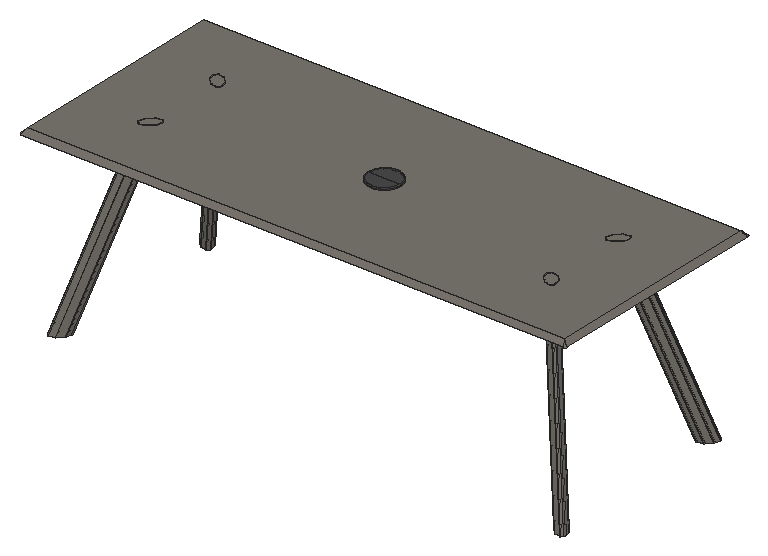
Revit family "Table-Rectangle-Teknion-STBSS_Qui_With_Power-R2014", category Furniture, Revit 2014
Parameters (values of type "25.5" High")
  Width = 75.000"
  Warranty = "https://d2r72yk5wmppdj.cloudfront.net/m/3754bc876d846fdf/StudioTK--Warranty.pdf"
  Voltage = 125 V  # constant formula
  Unit Weight = 85.00 lbf  # constant formula
  URL = "www.studiotk.com"
  Table Finish [instance] = Wood - Teknion - DY - Cocoa Brown
  Series = "Studio"
  Product Line = "Qui"
  Product Documentation Link = "https://d2r72yk5wmppdj.cloudfront.net/m/6a067d0f21732b57/Qui_Tables_ppg.pdf"
  Power Finish [instance] = Plastic - StudioTK - 8B - Ebony
  Power Factor = 1  # constant formula
  Part Number = "STBSS"
  Number of Poles = 1
  Model = "STBSSF25P"
  Manufacturer Phone = "919-464-2920"
  Manufacturer Fax = "919-464-2927"
  Manufacturer Email = "customersupport@studiotk.com"
  Manufacturer Address = "3941 US 70 Business HWY West, Clayton, NC 27520"
  Manufacturer = "StudioTK"  # constant formula
  Low Emitting Material = yes
  Low Emitting Finish = yes
  Height = 25.500"
  Description = "Qui Rectangular Table with Power, 31.5\"d x 75\"w / 80cm x 191cm, 25.5\"h / 65cm"
  Depth = 31.500"
  Connector Description = "Power Connector"  # constant formula
  Assembly Code = "E2020200"
  Apparent Load = 1250 VA  # constant formula
Reference planes (in)
  plane 1 "Center F/B": y = 0
  plane 2: z = 0
  plane 3 "Center L/R": x = 0
  plane 4 "Left": x = -37.5
  plane 5 "Right": x = 37.5
  plane 6 "Back": y = 15.75
  plane 7 "Front": y = -15.75
  plane 8 "Top": z = 25.5
  plane 9 "Table Base": z = 24.875
  plane 10 "Table Bottom": z = 23.375
  plane 11 "Leg Top": z = 25.525
  plane 12 "Leg Bottom": z = -3.5
  plane 13: x = -21.75
  plane 14: x = 21.75
Forms (in)
  Blend 1, solid, material "Wood - Teknion - DY - Cocoa Brown" <- "Table Finish"
    base sketch origin (0, 0, 23.375) x (-1, 0, 0) y (0, -1, 0)
      loop
        line (30.25, -8.5) -> (30.25, 8.5) -> (-30.25, 8.5) -> (-30.25, -8.5) -> (30.25, -8.5)
    top sketch origin (0, 0, 23.375) x (-1, 0, 0) y (0, -1, 0)
      loop
        line (-31.25, -9.5) -> (31.25, -9.5) -> (31.25, 9.5) -> (-31.25, 9.5) -> (-31.25, -9.5)
    from 0 to 1.5
  Blend 2, solid, material "Wood - Teknion - DY - Cocoa Brown" <- "Table Finish"
    base sketch origin (0, 0, 25.525) x (0, -1, 0) y (1, 0, 0)
      loop
        line (-12.50538, -34.51387) -> (-12.76387, -34.25538)
        arc (-12.76387, -34.25538) -> (-12.82837, -34.21732) -> (-12.90323, -34.21518) r 0.15
        line (-12.90323, -34.21518) -> (-13.66716, -34.38908)
        arc (-13.66716, -34.38908) -> (-13.70639, -34.40404) -> (-13.73993, -34.42927) r 0.15
        line (-13.73993, -34.42927) -> (-14.48351, -35.17285)
        arc (-14.48351, -35.17285) -> (-14.50874, -35.20639) -> (-14.5237, -35.24562) r 0.15
        line (-14.5237, -35.24562) -> (-14.69759, -36.00955)
        arc (-14.69759, -36.00955) -> (-14.69546, -36.08441) -> (-14.6574, -36.14891) r 0.15
        line (-14.6574, -36.14891) -> (-14.39891, -36.4074)
        arc (-14.39891, -36.4074) -> (-14.33441, -36.44546) -> (-14.25955, -36.44759) r 0.15
        line (-14.25955, -36.44759) -> (-13.49562, -36.2737)
        arc (-13.49562, -36.2737) -> (-13.45639, -36.25874) -> (-13.42285, -36.23351) r 0.15
        line (-13.42285, -36.23351) -> (-12.67927, -35.48993)
        arc (-12.67927, -35.48993) -> (-12.65404, -35.45639) -> (-12.63908, -35.41716) r 0.15
        line (-12.63908, -35.41716) -> (-12.46518, -34.65323)
        arc (-12.46518, -34.65323) -> (-12.46732, -34.57837) -> (-12.50538, -34.51387) r 0.15
    top sketch origin (0, 0, 25.525) x (0, -1, 0) y (1, 0, 0)
      loop
        line (-4.67569, -26.68418) -> (-4.93418, -26.42569)
        arc (-4.93418, -26.42569) -> (-4.99868, -26.38763) -> (-5.07354, -26.3855) r 0.15
        line (-5.07354, -26.3855) -> (-5.83747, -26.55939)
        arc (-5.83747, -26.55939) -> (-5.8767, -26.57435) -> (-5.91025, -26.59959) r 0.15
        line (-5.91025, -26.59959) -> (-6.65382, -27.34316)
        arc (-6.65382, -27.34316) -> (-6.67906, -27.3767) -> (-6.69401, -27.41593) r 0.15
        line (-6.69401, -27.41593) -> (-6.86791, -28.17987)
        arc (-6.86791, -28.17987) -> (-6.86577, -28.25473) -> (-6.82771, -28.31922) r 0.15
        line (-6.82771, -28.31922) -> (-6.56922, -28.57771)
        arc (-6.56922, -28.57771) -> (-6.50473, -28.61577) -> (-6.42987, -28.61791) r 0.15
        line (-6.42987, -28.61791) -> (-5.66593, -28.44401)
        arc (-5.66593, -28.44401) -> (-5.6267, -28.42906) -> (-5.59316, -28.40382) r 0.15
        line (-5.59316, -28.40382) -> (-4.84959, -27.66025)
        arc (-4.84959, -27.66025) -> (-4.82435, -27.6267) -> (-4.80939, -27.58747) r 0.15
        line (-4.80939, -27.58747) -> (-4.6355, -26.82354)
        arc (-4.6355, -26.82354) -> (-4.63763, -26.74868) -> (-4.67569, -26.68418) r 0.15
    from -29.025 to -0.025
  Blend 3, solid, material "Wood - Teknion - DY - Cocoa Brown" <- "Table Finish"
    base sketch origin (-21.75, 21.75, 25.525) x (1, 0, 0) y (0, 1, 0)
      loop
        line (-12.50538, -34.51387) -> (-12.76387, -34.25538)
        arc (-12.76387, -34.25538) -> (-12.82837, -34.21732) -> (-12.90323, -34.21518) r 0.15
        line (-12.90323, -34.21518) -> (-13.66716, -34.38908)
        arc (-13.66716, -34.38908) -> (-13.70639, -34.40404) -> (-13.73993, -34.42927) r 0.15
        line (-13.73993, -34.42927) -> (-14.48351, -35.17285)
        arc (-14.48351, -35.17285) -> (-14.50874, -35.20639) -> (-14.5237, -35.24562) r 0.15
        line (-14.5237, -35.24562) -> (-14.69759, -36.00955)
        arc (-14.69759, -36.00955) -> (-14.69546, -36.08441) -> (-14.6574, -36.14891) r 0.15
        line (-14.6574, -36.14891) -> (-14.39891, -36.4074)
        arc (-14.39891, -36.4074) -> (-14.33441, -36.44546) -> (-14.25955, -36.44759) r 0.15
        line (-14.25955, -36.44759) -> (-13.49562, -36.2737)
        arc (-13.49562, -36.2737) -> (-13.45639, -36.25874) -> (-13.42285, -36.23351) r 0.15
        line (-13.42285, -36.23351) -> (-12.67927, -35.48993)
        arc (-12.67927, -35.48993) -> (-12.65404, -35.45639) -> (-12.63908, -35.41716) r 0.15
        line (-12.63908, -35.41716) -> (-12.46518, -34.65323)
        arc (-12.46518, -34.65323) -> (-12.46732, -34.57837) -> (-12.50538, -34.51387) r 0.15
    top sketch origin (-21.75, 21.75, 25.525) x (1, 0, 0) y (0, 1, 0)
      loop
        line (-4.67569, -26.68418) -> (-4.93418, -26.42569)
        arc (-4.93418, -26.42569) -> (-4.99868, -26.38763) -> (-5.07354, -26.3855) r 0.15
        line (-5.07354, -26.3855) -> (-5.83747, -26.55939)
        arc (-5.83747, -26.55939) -> (-5.8767, -26.57435) -> (-5.91025, -26.59959) r 0.15
        line (-5.91025, -26.59959) -> (-6.65382, -27.34316)
        arc (-6.65382, -27.34316) -> (-6.67906, -27.3767) -> (-6.69401, -27.41593) r 0.15
        line (-6.69401, -27.41593) -> (-6.86791, -28.17987)
        arc (-6.86791, -28.17987) -> (-6.86577, -28.25473) -> (-6.82771, -28.31922) r 0.15
        line (-6.82771, -28.31922) -> (-6.56922, -28.57771)
        arc (-6.56922, -28.57771) -> (-6.50473, -28.61577) -> (-6.42987, -28.61791) r 0.15
        line (-6.42987, -28.61791) -> (-5.66593, -28.44401)
        arc (-5.66593, -28.44401) -> (-5.6267, -28.42906) -> (-5.59316, -28.40382) r 0.15
        line (-5.59316, -28.40382) -> (-4.84959, -27.66025)
        arc (-4.84959, -27.66025) -> (-4.82435, -27.6267) -> (-4.80939, -27.58747) r 0.15
        line (-4.80939, -27.58747) -> (-4.6355, -26.82354)
        arc (-4.6355, -26.82354) -> (-4.63763, -26.74868) -> (-4.67569, -26.68418) r 0.15
    from -29.025 to -0.025
  Blend 4, solid, material "Wood - Teknion - DY - Cocoa Brown" <- "Table Finish"
    base sketch origin (0, 0, 25.525) x (0, 1, 0) y (-1, 0, 0)
      loop
        line (-12.50538, -34.51387) -> (-12.76387, -34.25538)
        arc (-12.76387, -34.25538) -> (-12.82837, -34.21732) -> (-12.90323, -34.21518) r 0.15
        line (-12.90323, -34.21518) -> (-13.66716, -34.38908)
        arc (-13.66716, -34.38908) -> (-13.70639, -34.40404) -> (-13.73993, -34.42927) r 0.15
        line (-13.73993, -34.42927) -> (-14.48351, -35.17285)
        arc (-14.48351, -35.17285) -> (-14.50874, -35.20639) -> (-14.5237, -35.24562) r 0.15
        line (-14.5237, -35.24562) -> (-14.69759, -36.00955)
        arc (-14.69759, -36.00955) -> (-14.69546, -36.08441) -> (-14.6574, -36.14891) r 0.15
        line (-14.6574, -36.14891) -> (-14.39891, -36.4074)
        arc (-14.39891, -36.4074) -> (-14.33441, -36.44546) -> (-14.25955, -36.44759) r 0.15
        line (-14.25955, -36.44759) -> (-13.49562, -36.2737)
        arc (-13.49562, -36.2737) -> (-13.45639, -36.25874) -> (-13.42285, -36.23351) r 0.15
        line (-13.42285, -36.23351) -> (-12.67927, -35.48993)
        arc (-12.67927, -35.48993) -> (-12.65404, -35.45639) -> (-12.63908, -35.41716) r 0.15
        line (-12.63908, -35.41716) -> (-12.46518, -34.65323)
        arc (-12.46518, -34.65323) -> (-12.46732, -34.57837) -> (-12.50538, -34.51387) r 0.15
    top sketch origin (0, 0, 25.525) x (0, 1, 0) y (-1, 0, 0)
      loop
        arc (-4.93418, -26.42569) -> (-4.99868, -26.38763) -> (-5.07354, -26.3855) r 0.15
        line (-5.07354, -26.3855) -> (-5.83747, -26.55939)
        arc (-5.83747, -26.55939) -> (-5.8767, -26.57435) -> (-5.91025, -26.59959) r 0.15
        line (-5.91025, -26.59959) -> (-6.65382, -27.34316)
        arc (-6.65382, -27.34316) -> (-6.67906, -27.3767) -> (-6.69401, -27.41593) r 0.15
        line (-6.69401, -27.41593) -> (-6.86791, -28.17987)
        arc (-6.86791, -28.17987) -> (-6.86577, -28.25473) -> (-6.82771, -28.31922) r 0.15
        line (-6.82771, -28.31922) -> (-6.56922, -28.57771)
        arc (-6.56922, -28.57771) -> (-6.50473, -28.61577) -> (-6.42987, -28.61791) r 0.15
        line (-6.42987, -28.61791) -> (-5.66593, -28.44401)
        arc (-5.66593, -28.44401) -> (-5.6267, -28.42906) -> (-5.59316, -28.40382) r 0.15
        line (-5.59316, -28.40382) -> (-4.84959, -27.66025)
        arc (-4.84959, -27.66025) -> (-4.82435, -27.6267) -> (-4.80939, -27.58747) r 0.15
        line (-4.80939, -27.58747) -> (-4.6355, -26.82354)
        arc (-4.6355, -26.82354) -> (-4.63763, -26.74868) -> (-4.67569, -26.68418) r 0.15
        line (-4.67569, -26.68418) -> (-4.93418, -26.42569)
    from -29.025 to -0.025
  Blend 5, solid, material "Wood - Teknion - DY - Cocoa Brown" <- "Table Finish"
    base sketch origin (21.75, -21.75, 25.525) x (-1, 0, 0) y (0, -1, 0)
      loop
        line (-12.50538, -34.51387) -> (-12.76387, -34.25538)
        arc (-12.76387, -34.25538) -> (-12.82837, -34.21732) -> (-12.90323, -34.21518) r 0.15
        line (-12.90323, -34.21518) -> (-13.66716, -34.38908)
        arc (-13.66716, -34.38908) -> (-13.70639, -34.40404) -> (-13.73993, -34.42927) r 0.15
        line (-13.73993, -34.42927) -> (-14.48351, -35.17285)
        arc (-14.48351, -35.17285) -> (-14.50874, -35.20639) -> (-14.5237, -35.24562) r 0.15
        line (-14.5237, -35.24562) -> (-14.69759, -36.00955)
        arc (-14.69759, -36.00955) -> (-14.69546, -36.08441) -> (-14.6574, -36.14891) r 0.15
        line (-14.6574, -36.14891) -> (-14.39891, -36.4074)
        arc (-14.39891, -36.4074) -> (-14.33441, -36.44546) -> (-14.25955, -36.44759) r 0.15
        line (-14.25955, -36.44759) -> (-13.49562, -36.2737)
        arc (-13.49562, -36.2737) -> (-13.45639, -36.25874) -> (-13.42285, -36.23351) r 0.15
        line (-13.42285, -36.23351) -> (-12.67927, -35.48993)
        arc (-12.67927, -35.48993) -> (-12.65404, -35.45639) -> (-12.63908, -35.41716) r 0.15
        line (-12.63908, -35.41716) -> (-12.46518, -34.65323)
        arc (-12.46518, -34.65323) -> (-12.46732, -34.57837) -> (-12.50538, -34.51387) r 0.15
    top sketch origin (21.75, -21.75, 25.525) x (-1, 0, 0) y (0, -1, 0)
      loop
        arc (-4.93418, -26.42569) -> (-4.99868, -26.38763) -> (-5.07354, -26.3855) r 0.15
        line (-5.07354, -26.3855) -> (-5.83747, -26.55939)
        arc (-5.83747, -26.55939) -> (-5.8767, -26.57435) -> (-5.91025, -26.59959) r 0.15
        line (-5.91025, -26.59959) -> (-6.65382, -27.34316)
        arc (-6.65382, -27.34316) -> (-6.67906, -27.3767) -> (-6.69401, -27.41593) r 0.15
        line (-6.69401, -27.41593) -> (-6.86791, -28.17987)
        arc (-6.86791, -28.17987) -> (-6.86577, -28.25473) -> (-6.82771, -28.31922) r 0.15
        line (-6.82771, -28.31922) -> (-6.56922, -28.57771)
        arc (-6.56922, -28.57771) -> (-6.50473, -28.61577) -> (-6.42987, -28.61791) r 0.15
        line (-6.42987, -28.61791) -> (-5.66593, -28.44401)
        arc (-5.66593, -28.44401) -> (-5.6267, -28.42906) -> (-5.59316, -28.40382) r 0.15
        line (-5.59316, -28.40382) -> (-4.84959, -27.66025)
        arc (-4.84959, -27.66025) -> (-4.82435, -27.6267) -> (-4.80939, -27.58747) r 0.15
        line (-4.80939, -27.58747) -> (-4.6355, -26.82354)
        arc (-4.6355, -26.82354) -> (-4.63763, -26.74868) -> (-4.67569, -26.68418) r 0.15
        line (-4.67569, -26.68418) -> (-4.93418, -26.42569)
    from -29.025 to -0.025
  Sweep 6, void
    path origin (0, 0, 0) x (1, 0, 0) y (0, 0, 1)
      loop
        line (0, -5) -> (0, 0)
    profile origin (0, 0, -2.5) x (-1, 0, 0) y (0, -1, 0)
      loop
        line (37.5, -15.75) -> (37.5, 15.75) -> (-37.5, 15.75) -> (-37.5, -15.75) -> (37.5, -15.75)
  Sweep 7, void
    path origin (0, 0, 0) x (1, 0, 0) y (0, 0, 1)
      loop
        line (0, 25.5) -> (0, 25.25)
    profile origin (0, 0, 25.375) x (0, -1, 0) y (1, 0, 0)
      loop
        line (-6.83903, -28.33054) -> (-6.58054, -28.58903)
        arc (-6.58054, -28.58903) -> (-6.50916, -28.63115) -> (-6.42631, -28.63351) r 0.166
        line (-6.42631, -28.63351) -> (-5.66238, -28.45961)
        arc (-5.66238, -28.45961) -> (-5.61897, -28.44306) -> (-5.58184, -28.41513) r 0.166
        line (-5.58184, -28.41513) -> (-4.83827, -27.67156)
        arc (-4.83827, -27.67156) -> (-4.81034, -27.63444) -> (-4.79379, -27.59102) r 0.166
        line (-4.79379, -27.59102) -> (-4.6199, -26.82709)
        arc (-4.6199, -26.82709) -> (-4.62226, -26.74424) -> (-4.66438, -26.67287) r 0.166
        line (-4.66438, -26.67287) -> (-4.92287, -26.41438)
        arc (-4.92287, -26.41438) -> (-4.99424, -26.37226) -> (-5.07709, -26.3699) r 0.166
        line (-5.07709, -26.3699) -> (-5.84102, -26.54379)
        arc (-5.84102, -26.54379) -> (-5.88444, -26.56034) -> (-5.92156, -26.58827) r 0.166
        line (-5.92156, -26.58827) -> (-6.66513, -27.33184)
        arc (-6.66513, -27.33184) -> (-6.69306, -27.36897) -> (-6.70961, -27.41238) r 0.166
        line (-6.70961, -27.41238) -> (-6.88351, -28.17631)
        arc (-6.88351, -28.17631) -> (-6.88115, -28.25916) -> (-6.83903, -28.33054) r 0.166
      loop
        arc (6.42631, -28.63351) -> (6.50916, -28.63115) -> (6.58054, -28.58903) r 0.166
        line (6.58054, -28.58903) -> (6.83903, -28.33054)
        arc (6.83903, -28.33054) -> (6.88115, -28.25916) -> (6.88351, -28.17631) r 0.166
        line (6.88351, -28.17631) -> (6.70961, -27.41238)
        arc (6.70961, -27.41238) -> (6.69306, -27.36897) -> (6.66513, -27.33184) r 0.166
        line (6.66513, -27.33184) -> (5.92156, -26.58827)
        arc (5.92156, -26.58827) -> (5.88444, -26.56034) -> (5.84102, -26.54379) r 0.166
        line (5.84102, -26.54379) -> (5.07709, -26.3699)
        arc (5.07709, -26.3699) -> (4.99424, -26.37226) -> (4.92287, -26.41438) r 0.166
        line (4.92287, -26.41438) -> (4.66438, -26.67287)
        arc (4.66438, -26.67287) -> (4.62226, -26.74424) -> (4.6199, -26.82709) r 0.166
        line (4.6199, -26.82709) -> (4.79379, -27.59102)
        arc (4.79379, -27.59102) -> (4.81034, -27.63444) -> (4.83827, -27.67156) r 0.166
        line (4.83827, -27.67156) -> (5.58184, -28.41513)
        arc (5.58184, -28.41513) -> (5.61897, -28.44306) -> (5.66238, -28.45961) r 0.166
        line (5.66238, -28.45961) -> (6.42631, -28.63351)
      loop
        arc (6.88351, 28.17631) -> (6.88115, 28.25916) -> (6.83903, 28.33054) r 0.166
        line (6.83903, 28.33054) -> (6.58054, 28.58903)
        arc (6.58054, 28.58903) -> (6.50916, 28.63115) -> (6.42631, 28.63351) r 0.166
        line (6.42631, 28.63351) -> (5.66238, 28.45961)
        arc (5.66238, 28.45961) -> (5.61897, 28.44306) -> (5.58184, 28.41513) r 0.166
        line (5.58184, 28.41513) -> (4.83827, 27.67156)
        arc (4.83827, 27.67156) -> (4.81034, 27.63444) -> (4.79379, 27.59102) r 0.166
        line (4.79379, 27.59102) -> (4.6199, 26.82709)
        arc (4.6199, 26.82709) -> (4.62226, 26.74424) -> (4.66438, 26.67287) r 0.166
        line (4.66438, 26.67287) -> (4.92287, 26.41438)
        arc (4.92287, 26.41438) -> (4.99424, 26.37226) -> (5.07709, 26.3699) r 0.166
        line (5.07709, 26.3699) -> (5.84102, 26.54379)
        arc (5.84102, 26.54379) -> (5.88444, 26.56034) -> (5.92156, 26.58827) r 0.166
        line (5.92156, 26.58827) -> (6.66513, 27.33184)
        arc (6.66513, 27.33184) -> (6.69306, 27.36897) -> (6.70961, 27.41238) r 0.166
        line (6.70961, 27.41238) -> (6.88351, 28.17631)
      loop
        arc (-6.83903, 28.33054) -> (-6.88115, 28.25916) -> (-6.88351, 28.17631) r 0.166
        line (-6.88351, 28.17631) -> (-6.70961, 27.41238)
        arc (-6.70961, 27.41238) -> (-6.69306, 27.36897) -> (-6.66513, 27.33184) r 0.166
        line (-6.66513, 27.33184) -> (-5.92156, 26.58827)
        arc (-5.92156, 26.58827) -> (-5.88444, 26.56034) -> (-5.84102, 26.54379) r 0.166
        line (-5.84102, 26.54379) -> (-5.07709, 26.3699)
        arc (-5.07709, 26.3699) -> (-4.99424, 26.37226) -> (-4.92287, 26.41438) r 0.166
        line (-4.92287, 26.41438) -> (-4.66438, 26.67287)
        arc (-4.66438, 26.67287) -> (-4.62226, 26.74424) -> (-4.6199, 26.82709) r 0.166
        line (-4.6199, 26.82709) -> (-4.79379, 27.59102)
        arc (-4.79379, 27.59102) -> (-4.81034, 27.63444) -> (-4.83827, 27.67156) r 0.166
        line (-4.83827, 27.67156) -> (-5.58184, 28.41513)
        arc (-5.58184, 28.41513) -> (-5.61897, 28.44306) -> (-5.66238, 28.45961) r 0.166
        line (-5.66238, 28.45961) -> (-6.42631, 28.63351)
        arc (-6.42631, 28.63351) -> (-6.50916, 28.63115) -> (-6.58054, 28.58903) r 0.166
        line (-6.58054, 28.58903) -> (-6.83903, 28.33054)
  Blend 8, solid, material "Wood - Teknion - DY - Cocoa Brown" <- "Table Finish"
    base sketch origin (-60.50319, 50.35166, 24.875) x (0, 1, 0) y (-1, 0, 0)
      loop
        arc (-34.85166, -98.00319) -> (-34.67488, -97.92996) -> (-34.60166, -97.75319) r 0.25
        line (-34.60166, -97.75319) -> (-34.60166, -23.25319)
        arc (-34.60166, -23.25319) -> (-34.67488, -23.07641) -> (-34.85166, -23.00319) r 0.25
        line (-34.85166, -23.00319) -> (-65.85166, -23.00319)
        arc (-65.85166, -23.00319) -> (-66.02843, -23.07641) -> (-66.10166, -23.25319) r 0.25
        line (-66.10166, -23.25319) -> (-66.10166, -97.75319)
        arc (-66.10166, -97.75319) -> (-66.02843, -97.92996) -> (-65.85166, -98.00319) r 0.25
        line (-65.85166, -98.00319) -> (-34.85166, -98.00319)
    top sketch origin (-60.50319, 50.35166, 25.5) x (0, 1, 0) y (-1, 0, 0)
      loop
        line (-65.47666, -97.37819) -> (-35.22666, -97.37819) -> (-35.22666, -23.62819) -> (-65.47666, -23.62819) -> (-65.47666, -97.37819)
    from 0 to 0
Cuts and joins
  Sweep 6 cuts Blend 3
  Sweep 6 cuts Blend 2
  Sweep 6 cuts Blend 5
  Sweep 6 cuts Blend 4
  Sweep 7 cuts Blend 8
Lines and regions (in)
  Masking region 1
    outline origin (0, 0, 25.525) x (0, -1, 0) y (1, 0, 0)
      loop
        line (-15.75, -37.5) -> (15.75, -37.5) -> (15.75, 37.5) -> (-15.75, 37.5) -> (-15.75, -37.5)
  symbolic lines, detail levels medium+fine
    curve 1: line (36.875, 15.125, 25.525) -> (-36.875, 15.125, 25.525)
    curve 2: line (-36.875, 15.125, 25.525) -> (-36.875, -15.125, 25.525)
    curve 3: line (-36.875, -15.125, 25.525) -> (36.875, -15.125, 25.525)
    curve 4: line (36.875, -15.125, 25.525) -> (36.875, 15.125, 25.525)
    curve 77: line (-28.31922, 6.82771, 25.525) -> (-28.57771, 6.56922, 25.525)
    curve 78: line (-27.41593, 6.69401, 25.525) -> (-28.17987, 6.86791, 25.525)
    curve 79: line (-27.34316, 6.65382, 25.525) -> (-26.59959, 5.91025, 25.525)
    curve 80: line (-26.3855, 5.07354, 25.525) -> (-26.55939, 5.83747, 25.525)
    curve 81: line (-26.68418, 4.67569, 25.525) -> (-26.42569, 4.93418, 25.525)
    curve 82: line (-27.58747, 4.80939, 25.525) -> (-26.82354, 4.6355, 25.525)
    curve 83: line (-27.66025, 4.84959, 25.525) -> (-28.40382, 5.59316, 25.525)
    curve 84: line (-28.61791, 6.42987, 25.525) -> (-28.44401, 5.66593, 25.525)
    curve 85: line (-28.40382, -5.59316, 25.525) -> (-27.66025, -4.84959, 25.525)
    curve 86: line (-28.44401, -5.66593, 25.525) -> (-28.61791, -6.42987, 25.525)
    curve 87: line (-28.57771, -6.56922, 25.525) -> (-28.31922, -6.82771, 25.525)
    curve 88: line (-28.17987, -6.86791, 25.525) -> (-27.41593, -6.69401, 25.525)
    curve 89: line (-26.59959, -5.91025, 25.525) -> (-27.34316, -6.65382, 25.525)
    curve 90: line (-26.55939, -5.83747, 25.525) -> (-26.3855, -5.07354, 25.525)
    curve 91: line (-26.42569, -4.93418, 25.525) -> (-26.68418, -4.67569, 25.525)
    curve 92: line (-26.82354, -4.6355, 25.525) -> (-27.58747, -4.80939, 25.525)
    curve 93: line (26.3855, -5.07354, 25.525) -> (26.55939, -5.83747, 25.525)
    curve 94: line (27.34316, -6.65382, 25.525) -> (26.59959, -5.91025, 25.525)
    curve 95: line (27.41593, -6.69401, 25.525) -> (28.17987, -6.86791, 25.525)
    curve 96: line (28.31922, -6.82771, 25.525) -> (28.57771, -6.56922, 25.525)
    curve 97: line (28.61791, -6.42987, 25.525) -> (28.44401, -5.66593, 25.525)
    curve 98: line (27.66025, -4.84959, 25.525) -> (28.40382, -5.59316, 25.525)
    curve 99: line (27.58747, -4.80939, 25.525) -> (26.82354, -4.6355, 25.525)
    curve 100: line (26.68418, -4.67569, 25.525) -> (26.42569, -4.93418, 25.525)
    curve 101: line (26.82354, 4.6355, 25.525) -> (27.58747, 4.80939, 25.525)
    curve 102: line (28.40382, 5.59316, 25.525) -> (27.66025, 4.84959, 25.525)
    curve 103: line (28.44401, 5.66593, 25.525) -> (28.61791, 6.42987, 25.525)
    curve 104: line (28.57771, 6.56922, 25.525) -> (28.31922, 6.82771, 25.525)
    curve 105: line (28.17987, 6.86791, 25.525) -> (27.41593, 6.69401, 25.525)
    curve 106: line (26.59959, 5.91025, 25.525) -> (27.34316, 6.65382, 25.525)
    curve 107: line (26.55939, 5.83747, 25.525) -> (26.3855, 5.07354, 25.525)
    curve 108: line (26.42569, 4.93418, 25.525) -> (26.68418, 4.67569, 25.525)
    curve 109: arc (26.68418, 4.67569, 25.525) -> (26.74868, 4.63763, 25.525) -> (26.82354, 4.6355, 25.525) r 0.15
    curve 110: arc (26.3855, 5.07354, 25.525) -> (26.38763, 4.99868, 25.525) -> (26.42569, 4.93418, 25.525) r 0.15
    curve 111: arc (26.59959, 5.91025, 25.525) -> (26.57435, 5.8767, 25.525) -> (26.55939, 5.83747, 25.525) r 0.15
    curve 112: arc (27.41593, 6.69401, 25.525) -> (27.3767, 6.67906, 25.525) -> (27.34316, 6.65382, 25.525) r 0.15
    curve 113: arc (28.31922, 6.82771, 25.525) -> (28.25473, 6.86577, 25.525) -> (28.17987, 6.86791, 25.525) r 0.15
    curve 114: arc (28.61791, 6.42987, 25.525) -> (28.61577, 6.50473, 25.525) -> (28.57771, 6.56922, 25.525) r 0.15
    curve 115: arc (28.40382, 5.59316, 25.525) -> (28.42906, 5.6267, 25.525) -> (28.44401, 5.66593, 25.525) r 0.15
    curve 116: arc (27.58747, 4.80939, 25.525) -> (27.6267, 4.82435, 25.525) -> (27.66025, 4.84959, 25.525) r 0.15
    curve 117: arc (26.82354, -4.6355, 25.525) -> (26.74868, -4.63763, 25.525) -> (26.68418, -4.67569, 25.525) r 0.15
    curve 118: arc (27.66025, -4.84959, 25.525) -> (27.6267, -4.82435, 25.525) -> (27.58747, -4.80939, 25.525) r 0.15
    curve 119: arc (28.44401, -5.66593, 25.525) -> (28.42906, -5.6267, 25.525) -> (28.40382, -5.59316, 25.525) r 0.15
    curve 120: arc (28.57771, -6.56922, 25.525) -> (28.61577, -6.50473, 25.525) -> (28.61791, -6.42987, 25.525) r 0.15
    curve 121: arc (28.17987, -6.86791, 25.525) -> (28.25473, -6.86577, 25.525) -> (28.31922, -6.82771, 25.525) r 0.15
    curve 122: arc (27.34316, -6.65382, 25.525) -> (27.3767, -6.67906, 25.525) -> (27.41593, -6.69401, 25.525) r 0.15
    curve 123: arc (26.55939, -5.83747, 25.525) -> (26.57435, -5.8767, 25.525) -> (26.59959, -5.91025, 25.525) r 0.15
    curve 124: arc (26.42569, -4.93418, 25.525) -> (26.38763, -4.99868, 25.525) -> (26.3855, -5.07354, 25.525) r 0.15
    curve 125: arc (-26.3855, -5.07354, 25.525) -> (-26.38763, -4.99868, 25.525) -> (-26.42569, -4.93418, 25.525) r 0.15
    curve 126: arc (-26.59959, -5.91025, 25.525) -> (-26.57435, -5.8767, 25.525) -> (-26.55939, -5.83747, 25.525) r 0.15
    curve 127: arc (-27.41593, -6.69401, 25.525) -> (-27.3767, -6.67906, 25.525) -> (-27.34316, -6.65382, 25.525) r 0.15
    curve 128: arc (-28.31922, -6.82771, 25.525) -> (-28.25473, -6.86577, 25.525) -> (-28.17987, -6.86791, 25.525) r 0.15
    curve 129: arc (-28.61791, -6.42987, 25.525) -> (-28.61577, -6.50473, 25.525) -> (-28.57771, -6.56922, 25.525) r 0.15
    curve 130: arc (-28.40382, -5.59316, 25.525) -> (-28.42906, -5.6267, 25.525) -> (-28.44401, -5.66593, 25.525) r 0.15
    curve 131: arc (-27.58747, -4.80939, 25.525) -> (-27.6267, -4.82435, 25.525) -> (-27.66025, -4.84959, 25.525) r 0.15
    curve 132: arc (-26.68418, -4.67569, 25.525) -> (-26.74868, -4.63763, 25.525) -> (-26.82354, -4.6355, 25.525) r 0.15
    curve 133: arc (-26.82354, 4.6355, 25.525) -> (-26.74868, 4.63763, 25.525) -> (-26.68418, 4.67569, 25.525) r 0.15
    curve 134: arc (-27.66025, 4.84959, 25.525) -> (-27.6267, 4.82435, 25.525) -> (-27.58747, 4.80939, 25.525) r 0.15
    curve 135: arc (-28.44401, 5.66593, 25.525) -> (-28.42906, 5.6267, 25.525) -> (-28.40382, 5.59316, 25.525) r 0.15
    curve 136: arc (-28.57771, 6.56922, 25.525) -> (-28.61577, 6.50473, 25.525) -> (-28.61791, 6.42987, 25.525) r 0.15
    curve 137: arc (-28.17987, 6.86791, 25.525) -> (-28.25473, 6.86577, 25.525) -> (-28.31922, 6.82771, 25.525) r 0.15
    curve 138: arc (-27.34316, 6.65382, 25.525) -> (-27.3767, 6.67906, 25.525) -> (-27.41593, 6.69401, 25.525) r 0.15
    curve 139: arc (-26.55939, 5.83747, 25.525) -> (-26.57435, 5.8767, 25.525) -> (-26.59959, 5.91025, 25.525) r 0.15
    curve 140: arc (-26.42569, 4.93418, 25.525) -> (-26.38763, 4.99868, 25.525) -> (-26.3855, 5.07354, 25.525) r 0.15
  symbolic lines, detail levels fine
    curve 5: line (31.25, 9.5, 25.525) -> (-31.25, 9.5, 25.525)
    curve 6: line (-30.25, 8.5, 25.525) -> (30.25, 8.5, 25.525)
    curve 7: line (-30.25, -8.5, 25.525) -> (-30.25, 8.5, 25.525)
    curve 8: line (-31.25, 9.5, 25.525) -> (-31.25, -9.5, 25.525)
    curve 9: line (30.25, -8.5, 25.525) -> (-30.25, -8.5, 25.525)
    curve 10: line (-31.25, -9.5, 25.525) -> (31.25, -9.5, 25.525)
    curve 11: line (30.25, 8.5, 25.525) -> (30.25, -8.5, 25.525)
    curve 12: line (31.25, -9.5, 25.525) -> (31.25, 9.5, 25.525)
    curve 13: line (-35.20344, 14.5141, 25.525) -> (-26.59959, 5.91025, 25.525)
    curve 14: line (-36.00955, 14.69759, 25.525) -> (-35.20344, 14.5141, 25.525)
    curve 15: line (-36.4074, 14.39891, 25.525) -> (-36.14891, 14.6574, 25.525)
    curve 16: line (-36.2737, 13.49562, 25.525) -> (-36.44759, 14.25955, 25.525)
    curve 17: line (-27.66025, 4.84959, 25.525) -> (-36.23351, 13.42285, 25.525)
    curve 18: line (-34.65323, 12.46518, 25.525) -> (-35.41716, 12.63908, 25.525)
    curve 19: line (-34.25538, 12.76387, 25.525) -> (-34.51387, 12.50538, 25.525)
    curve 20: line (-34.38908, 13.66716, 25.525) -> (-34.21518, 12.90323, 25.525)
    curve 21: line (-36.23351, -13.42285, 25.525) -> (-27.66025, -4.84959, 25.525)
    curve 22: line (-26.59959, -5.91025, 25.525) -> (-35.17285, -14.48351, 25.525)
    curve 23: line (-36.44759, -14.25955, 25.525) -> (-36.2737, -13.49562, 25.525)
    curve 24: line (-36.14891, -14.6574, 25.525) -> (-36.4074, -14.39891, 25.525)
    curve 25: line (-35.24562, -14.5237, 25.525) -> (-36.00955, -14.69759, 25.525)
    curve 26: line (-34.21518, -12.90323, 25.525) -> (-34.38908, -13.66716, 25.525)
    curve 27: line (-35.41716, -12.63908, 25.525) -> (-34.65323, -12.46518, 25.525)
    curve 28: line (-34.51387, -12.50538, 25.525) -> (-34.25538, -12.76387, 25.525)
    curve 29: line (35.17285, -14.48351, 25.525) -> (26.59959, -5.91025, 25.525)
    curve 30: line (27.66025, -4.84959, 25.525) -> (36.23351, -13.42285, 25.525)
    curve 31: line (34.65323, -12.46518, 25.525) -> (35.41716, -12.63908, 25.525)
    curve 32: line (34.25538, -12.76387, 25.525) -> (34.51387, -12.50538, 25.525)
    curve 33: line (34.38908, -13.66716, 25.525) -> (34.21518, -12.90323, 25.525)
    curve 34: line (36.00955, -14.69759, 25.525) -> (35.24562, -14.5237, 25.525)
    curve 35: line (36.4074, -14.39891, 25.525) -> (36.14891, -14.6574, 25.525)
    curve 36: line (36.2737, -13.49562, 25.525) -> (36.44759, -14.25955, 25.525)
    curve 37: line (36.23351, 13.42285, 25.525) -> (27.66025, 4.84959, 25.525)
    curve 38: line (26.59959, 5.91025, 25.525) -> (35.17285, 14.48351, 25.525)
    curve 39: line (35.24562, 14.5237, 25.525) -> (36.00955, 14.69759, 25.525)
    curve 40: line (36.14891, 14.6574, 25.525) -> (36.4074, 14.39891, 25.525)
    curve 41: line (36.44759, 14.25955, 25.525) -> (36.2737, 13.49562, 25.525)
    curve 42: line (35.41716, 12.63908, 25.525) -> (34.65323, 12.46518, 25.525)
    curve 43: line (34.51387, 12.50538, 25.525) -> (34.25538, 12.76387, 25.525)
    curve 44: line (34.21518, 12.90323, 25.525) -> (34.38908, 13.66716, 25.525)
    curve 45: arc (35.17285, 14.48351, 25.525) -> (35.20639, 14.50874, 25.525) -> (35.24562, 14.5237, 25.525) r 0.15
    curve 46: arc (36.00955, 14.69759, 25.525) -> (36.08441, 14.69546, 25.525) -> (36.14891, 14.6574, 25.525) r 0.15
    curve 47: arc (36.4074, 14.39891, 25.525) -> (36.44546, 14.33441, 25.525) -> (36.44759, 14.25955, 25.525) r 0.15
    curve 48: arc (36.2737, 13.49562, 25.525) -> (36.25874, 13.45639, 25.525) -> (36.23351, 13.42285, 25.525) r 0.15
    curve 49: arc (35.48993, 12.67927, 25.525) -> (35.45639, 12.65404, 25.525) -> (35.41716, 12.63908, 25.525) r 0.15
    curve 50: arc (34.65323, 12.46518, 25.525) -> (34.57837, 12.46732, 25.525) -> (34.51387, 12.50538, 25.525) r 0.15
    curve 51: arc (34.25538, 12.76387, 25.525) -> (34.21732, 12.82837, 25.525) -> (34.21518, 12.90323, 25.525) r 0.15
    curve 52: arc (34.38908, 13.66716, 25.525) -> (34.40404, 13.70639, 25.525) -> (34.42927, 13.73993, 25.525) r 0.15
    curve 53: arc (36.23351, -13.42285, 25.525) -> (36.25874, -13.45639, 25.525) -> (36.2737, -13.49562, 25.525) r 0.15
    curve 54: arc (36.44759, -14.25955, 25.525) -> (36.44546, -14.33441, 25.525) -> (36.4074, -14.39891, 25.525) r 0.15
    curve 55: arc (36.14891, -14.6574, 25.525) -> (36.08441, -14.69546, 25.525) -> (36.00955, -14.69759, 25.525) r 0.15
    curve 56: arc (35.24562, -14.5237, 25.525) -> (35.20639, -14.50874, 25.525) -> (35.17285, -14.48351, 25.525) r 0.15
    curve 57: arc (34.42927, -13.73993, 25.525) -> (34.40404, -13.70639, 25.525) -> (34.38908, -13.66716, 25.525) r 0.15
    curve 58: arc (34.21518, -12.90323, 25.525) -> (34.21732, -12.82837, 25.525) -> (34.25538, -12.76387, 25.525) r 0.15
    curve 59: arc (34.51387, -12.50538, 25.525) -> (34.57837, -12.46732, 25.525) -> (34.65323, -12.46518, 25.525) r 0.15
    curve 60: arc (35.41716, -12.63908, 25.525) -> (35.45639, -12.65404, 25.525) -> (35.48993, -12.67927, 25.525) r 0.15
    curve 61: arc (-34.38908, -13.66716, 25.525) -> (-34.40404, -13.70639, 25.525) -> (-34.42927, -13.73993, 25.525) r 0.15
    curve 62: arc (-34.25538, -12.76387, 25.525) -> (-34.21732, -12.82837, 25.525) -> (-34.21518, -12.90323, 25.525) r 0.15
    curve 63: arc (-34.65323, -12.46518, 25.525) -> (-34.57837, -12.46732, 25.525) -> (-34.51387, -12.50538, 25.525) r 0.15
    curve 64: arc (-35.48993, -12.67927, 25.525) -> (-35.45639, -12.65404, 25.525) -> (-35.41716, -12.63908, 25.525) r 0.15
    curve 65: arc (-36.2737, -13.49562, 25.525) -> (-36.25874, -13.45639, 25.525) -> (-36.23351, -13.42285, 25.525) r 0.15
    curve 66: arc (-36.4074, -14.39891, 25.525) -> (-36.44546, -14.33441, 25.525) -> (-36.44759, -14.25955, 25.525) r 0.15
    curve 67: arc (-36.00955, -14.69759, 25.525) -> (-36.08441, -14.69546, 25.525) -> (-36.14891, -14.6574, 25.525) r 0.15
    curve 68: arc (-35.17285, -14.48351, 25.525) -> (-35.20639, -14.50874, 25.525) -> (-35.24562, -14.5237, 25.525) r 0.15
    curve 69: arc (-34.21518, 12.90323, 25.525) -> (-34.21732, 12.82837, 25.525) -> (-34.25538, 12.76387, 25.525) r 0.15
    curve 70: arc (-34.51387, 12.50538, 25.525) -> (-34.57837, 12.46732, 25.525) -> (-34.65323, 12.46518, 25.525) r 0.15
    curve 71: arc (-34.42927, 13.73993, 25.525) -> (-34.40404, 13.70639, 25.525) -> (-34.38908, 13.66716, 25.525) r 0.15
    curve 72: arc (-35.41716, 12.63908, 25.525) -> (-35.45639, 12.65404, 25.525) -> (-35.48993, 12.67927, 25.525) r 0.15
    curve 73: arc (-36.23351, 13.42285, 25.525) -> (-36.25874, 13.45639, 25.525) -> (-36.2737, 13.49562, 25.525) r 0.15
    curve 74: arc (-35.24562, 14.5237, 25.525) -> (-35.20639, 14.50874, 25.525) -> (-35.17285, 14.48351, 25.525) r 0.15
    curve 75: arc (-36.14891, 14.6574, 25.525) -> (-36.08441, 14.69546, 25.525) -> (-36.00955, 14.69759, 25.525) r 0.15
    curve 76: arc (-36.44759, 14.25955, 25.525) -> (-36.44546, 14.33441, 25.525) -> (-36.4074, 14.39891, 25.525) r 0.15
Dimensions and locks (in)
  "Height": plane 8 "Top" to plane 2
  equal spacing: plane 4 "Left", plane 3 "Center L/R", plane 5 "Right"
  "Width": plane 4 "Left" to plane 5 "Right"
  equal spacing: plane 6 "Back", plane 1 "Center F/B", plane 7 "Front"
  "Depth": plane 6 "Back" to plane 7 "Front"
  plane 8 "Top" to plane 9 "Table Base" to plane 10 "Table Bottom" = 0.625" locked, 1.500" locked
  locked: plane 6 "Back" to Blend 1 sketch curve at 7.25
  locked: plane 7 "Front" to Blend 1 sketch curve at 7.25
  locked: Blend 1 sketch curve to plane 5 "Right" at 7.25
  locked: plane 4 "Left" to Blend 1 sketch curve at 7.25
  locked: plane 4 "Left" to Blend 1 sketch curve at 6.25
  locked: Blend 1 sketch curve to plane 5 "Right" at 6.25
  locked: plane 6 "Back" to Blend 1 sketch curve at 6.25
  locked: plane 7 "Front" to Blend 1 sketch curve at 6.25
  locked: plane 11 "Leg Top" to plane 8 "Top" at 0.025
  locked: plane 8 "Top" to plane 12 "Leg Bottom" at 29
  locked: plane 4 "Left" to plane 13 at 15.75
  locked: plane 14 to plane 5 "Right" at 15.75
  locked: Blend 2 sketch curve to Blend 2 sketch curve at 1.5  (x2)
  locked: Blend 2 sketch curve to Blend 2 sketch curve at 2.67786  (x2)
  locked: Blend 2 sketch curve to Blend 2 sketch curve at 1.87568  (x4)
  locked: Blend 3 sketch curve to Blend 3 sketch curve at 1.5  (x2)
  locked: Blend 3 sketch curve to Blend 3 sketch curve at 2.67786  (x2)
  locked: Blend 3 sketch curve to Blend 3 sketch curve at 1.87568  (x4)
  locked: Blend 4 sketch curve to Blend 4 sketch curve at 1.5  (x2)
  locked: Blend 4 sketch curve to Blend 4 sketch curve at 2.67786  (x2)
  locked: Blend 4 sketch curve to Blend 4 sketch curve at 1.87568  (x4)
  locked: Blend 5 sketch curve to Blend 5 sketch curve at 1.5  (x2)
  locked: Blend 5 sketch curve to Blend 5 sketch curve at 2.67786  (x2)
  locked: Blend 5 sketch curve to Blend 5 sketch curve at 1.87568  (x4)
  locked: plane 13 to Blend 2 sketch curve at 17.86805
  locked: plane 13 to Blend 2 sketch curve at 0.75
  locked: plane 13 to Blend 3 sketch curve at 17.86805
  locked: plane 13 to Blend 3 sketch curve at 0.75
  locked: plane 14 to Blend 4 sketch curve at 17.86805
  locked: plane 14 to Blend 4 sketch curve at 0.75
  locked: plane 14 to Blend 5 sketch curve at 17.86805
  locked: plane 14 to Blend 5 sketch curve at 0.75
  locked: plane 8 "Top" to Sweep 7 sketch curve at 0.25
  Sweep 7 sketch curve to plane 3 "Center L/R" to Sweep 7 sketch curve = 28.63765" locked, 28.63765" locked  (x2)
  Sweep 7 sketch curve to plane 1 "Center F/B" to Sweep 7 sketch curve = 6.88765" locked, 6.88765" locked  (x2)
  locked: plane 4 "Left" to Blend 8 sketch curve at 0.625
  locked: Blend 8 sketch curve to plane 5 "Right" at 0.625
  locked: plane 6 "Back" to Blend 8 sketch curve at 0.625
  locked: plane 7 "Front" to Blend 8 sketch curve at 0.625
  locked: Blend 4 sketch curve to plane 5 "Right" at 11.11824
  locked: plane 7 "Front" to Blend 4 sketch curve at 11.11824
  locked: Blend 5 sketch curve to plane 5 "Right" at 11.11824
  locked: plane 6 "Back" to Blend 5 sketch curve at 11.11824
  locked: plane 4 "Left" to Blend 2 sketch curve at 11.11824
  locked: plane 6 "Back" to Blend 2 sketch curve at 11.11824
  locked: plane 4 "Left" to Blend 3 sketch curve at 11.11824
  locked: plane 7 "Front" to Blend 3 sketch curve at 11.11824
  locked: plane 12 "Leg Bottom" to Sweep 6 sketch curve at 1.5
  aligned and locked: level to plane 2
  aligned and locked: Blend 1 to plane 10 "Table Bottom"
  aligned and locked: Blend 1 to plane 9 "Table Base"
  aligned and locked: Masking region 1 sketch curve to plane 6 "Back"
  aligned and locked: Masking region 1 sketch curve to plane 7 "Front"
  aligned and locked: plane 4 "Left" to Masking region 1 sketch curve
  aligned and locked: Masking region 1 sketch curve to plane 5 "Right"
  aligned and locked: Blend 1 to curve 5
  aligned and locked: Blend 1 to curve 6
  aligned and locked: curve 7 to Blend 1
  aligned and locked: curve 8 to Blend 1
  aligned and locked: Blend 1 to curve 9
  aligned and locked: Blend 1 to curve 10
  aligned and locked: curve 11 to Blend 1
  aligned and locked: curve 12 to Blend 1
  aligned and locked: Blend 3 to plane 12 "Leg Bottom"
  aligned and locked: Blend 2 to plane 12 "Leg Bottom"
  aligned and locked: plane 12 "Leg Bottom" to Blend 5
  aligned and locked: plane 12 "Leg Bottom" to Blend 4
  aligned and locked: plane 2 to Sweep 6 sketch curve
  aligned and locked: plane 3 "Center L/R" to Sweep 6 sketch curve
  aligned and locked: Sweep 6 sketch curve to plane 6 "Back"
  aligned and locked: plane 4 "Left" to Sweep 6 sketch curve
  aligned and locked: Sweep 6 sketch curve to plane 7 "Front"
  aligned and locked: Sweep 6 sketch curve to plane 5 "Right"
  aligned and locked: curve 45 to cut or joined group of Blend 5, Sweep 6
  aligned and locked: curve 46 to cut or joined group of Blend 5, Sweep 6
  aligned and locked: curve 47 to cut or joined group of Blend 5, Sweep 6
  aligned and locked: curve 48 to cut or joined group of Blend 5, Sweep 6
  aligned and locked: curve 49 to cut or joined group of Blend 5, Sweep 6
  aligned and locked: curve 50 to cut or joined group of Blend 5, Sweep 6
  aligned and locked: curve 51 to cut or joined group of Blend 5, Sweep 6
  aligned and locked: curve 52 to cut or joined group of Blend 5, Sweep 6
  aligned and locked: curve 53 to cut or joined group of Blend 4, Sweep 6
  aligned and locked: curve 54 to cut or joined group of Blend 4, Sweep 6
  aligned and locked: curve 55 to cut or joined group of Blend 4, Sweep 6
  aligned and locked: curve 56 to cut or joined group of Blend 4, Sweep 6
  aligned and locked: curve 57 to cut or joined group of Blend 4, Sweep 6
  aligned and locked: curve 58 to cut or joined group of Blend 4, Sweep 6
  aligned and locked: curve 59 to cut or joined group of Blend 4, Sweep 6
  aligned and locked: curve 60 to cut or joined group of Blend 4, Sweep 6
  aligned and locked: curve 61 to cut or joined group of Blend 3, Sweep 6
  aligned and locked: curve 62 to cut or joined group of Blend 3, Sweep 6
  aligned and locked: curve 63 to cut or joined group of Blend 3, Sweep 6
  aligned and locked: curve 64 to cut or joined group of Blend 3, Sweep 6
  aligned and locked: curve 65 to cut or joined group of Blend 3, Sweep 6
  aligned and locked: curve 66 to cut or joined group of Blend 3, Sweep 6
  aligned and locked: curve 67 to cut or joined group of Blend 3, Sweep 6
  aligned and locked: curve 68 to cut or joined group of Blend 3, Sweep 6
  aligned and locked: curve 69 to cut or joined group of Blend 2, Sweep 6
  aligned and locked: curve 70 to cut or joined group of Blend 2, Sweep 6
  aligned and locked: curve 71 to cut or joined group of Blend 2, Sweep 6
  aligned and locked: curve 72 to cut or joined group of Blend 2, Sweep 6
  aligned and locked: curve 73 to cut or joined group of Blend 2, Sweep 6
  aligned and locked: curve 74 to cut or joined group of Blend 2, Sweep 6
  aligned and locked: curve 75 to cut or joined group of Blend 2, Sweep 6
  aligned and locked: curve 76 to cut or joined group of Blend 2, Sweep 6
  aligned and locked: cut or joined group of Blend 2, Sweep 6 to curve 79
  aligned and locked: curve 133 to cut or joined group of Blend 2, Sweep 6
  aligned and locked: curve 134 to cut or joined group of Blend 2, Sweep 6
  aligned and locked: curve 135 to cut or joined group of Blend 2, Sweep 6
  aligned and locked: curve 136 to cut or joined group of Blend 2, Sweep 6
  aligned and locked: curve 137 to cut or joined group of Blend 2, Sweep 6
  aligned and locked: curve 138 to cut or joined group of Blend 2, Sweep 6
  aligned and locked: curve 139 to cut or joined group of Blend 2, Sweep 6
  aligned and locked: curve 140 to cut or joined group of Blend 2, Sweep 6
  aligned and locked: plane 8 "Top" to Blend 3
  aligned and locked: plane 8 "Top" to Blend 2
  aligned and locked: plane 8 "Top" to Blend 4
  aligned and locked: plane 8 "Top" to Blend 5
  aligned and locked: Sweep 7 sketch curve to plane 3 "Center L/R"
  aligned and locked: plane 8 "Top" to Sweep 7 sketch curve
  aligned and locked: Blend 8 sketch curve to plane 7 "Front"
  aligned and locked: Blend 8 sketch curve to plane 5 "Right"
  aligned and locked: plane 6 "Back" to Blend 8 sketch curve
  aligned and locked: plane 4 "Left" to Blend 8 sketch curve
  aligned and locked: plane 3 "Center L/R" to nested 1
  aligned and locked: plane 8 "Top" to nested 1
  aligned and locked: plane 1 "Center F/B" to nested 1
Automatic sketch dimensions
  curve 1 to plane 6 "Back" = 0.625"
  plane 4 "Left" to curve 1 = 0.625"
  curve 39 to curve 46 = 0.14626"
  curve 14 to curve 75 = 0.14626"
  curve 39 to curve 40 = 0.04019"
  curve 75 to curve 15 = 0.04019"
  curve 39 to curve 45 = 0.14626"
  curve 45 to curve 38 = 0.04019"
  curve 40 to plane 5 "Right" = 1.0926"
  plane 4 "Left" to curve 15 = 1.0926"
  plane 4 "Left" to curve 16 = 1.05241"
  curve 41 to plane 5 "Right" = 1.05241"
  curve 20 to curve 71 = 0.03329"
  curve 44 to curve 52 = 0.03329"
  plane 4 "Left" to curve 16 = 1.2263"
  curve 41 to plane 5 "Right" = 1.2263"
  curve 37 to plane 5 "Right" = 1.26649"
  plane 4 "Left" to curve 17 = 1.26649"
  curve 20 to curve 69 = 0.03329"
  curve 44 to curve 51 = 0.03329"
  curve 44 to curve 43 = 0.13936"
  curve 69 to curve 19 = 0.13936"
  curve 42 to plane 5 "Right" = 2.08284"
  plane 4 "Left" to curve 18 = 2.08284"
  plane 4 "Left" to curve 19 = 2.98613"
  curve 43 to plane 5 "Right" = 2.98613"
  plane 4 "Left" to curve 18 = 2.84677"
  curve 42 to plane 5 "Right" = 2.84677"
  curve 78 to plane 13 = 6.42987"
  curve 6 to curve 105 = 1.63209"
  curve 113 to curve 104 = 0.04019"
  curve 77 to plane 13 = 6.56922"
  curve 78 to plane 13 = 5.66593"
  plane 14 to curve 105 = 5.66593"
  curve 105 to curve 105 = 0.1739"
  curve 113 to curve 104 = 0.25849"  (x2)
  curve 77 to curve 136 = 0.10607"
  curve 136 to curve 84 = 0.13936"
  curve 104 to curve 103 = 0.13936"
  curve 13 to plane 13 = 4.84959"
  plane 14 to curve 106 = 4.84959"
  curve 38 to curve 107 = 0.07277"
  curve 80 to plane 13 = 4.80939"
  curve 114 to curve 103 = 0.76393"
  curve 135 to curve 84 = 0.03329"
  curve 111 to curve 107 = 0.76393"
  curve 80 to plane 13 = 4.6355"
  curve 107 to curve 108 = 0.13936"
  curve 81 to plane 13 = 4.67569"
  curve 115 to curve 37 = 0.81634"
  curve 134 to curve 83 = 0.10607"
  curve 17 to curve 82 = 0.04019"
  curve 37 to curve 101 = 0.04019"
  curve 110 to curve 108 = 0.25849"
  curve 133 to curve 81 = 0.10607"
  curve 81 to curve 82 = 0.04019"
  curve 108 to curve 101 = 0.04019"
  plane 1 "Center F/B" to curve 92 = 4.6355"
  plane 1 "Center F/B" to curve 99 = 4.6355"
  curve 92 to curve 91 = 0.04019"
  curve 117 to curve 100 = 0.04019"
  curve 92 to curve 92 = 0.1739"
  curve 117 to curve 99 = 0.1739"
  curve 118 to curve 30 = 0.04019"
  curve 92 to curve 85 = 0.04019"
  curve 117 to curve 100 = 0.25849"
  curve 132 to curve 91 = 0.25849"  (x2)
  curve 91 to curve 90 = 0.13936"
  curve 124 to curve 93 = 0.13936"
  curve 131 to curve 86 = 0.81634"
  curve 118 to curve 97 = 0.81634"
  curve 93 to curve 93 = 0.76393"
  curve 90 to curve 90 = 0.76393"
  plane 14 to curve 29 = 4.84959"
  curve 22 to plane 13 = 4.84959"
  curve 97 to curve 97 = 0.76393"
  curve 130 to curve 86 = 0.76393"
  curve 97 to curve 96 = 0.13936"
  curve 129 to curve 87 = 0.13936"
  curve 88 to plane 13 = 5.66593"
  curve 22 to curve 88 = 0.78376"
  plane 14 to curve 95 = 5.66593"
  curve 29 to curve 95 = 0.78376"
  curve 129 to curve 87 = 0.25849"  (x2)
  curve 120 to curve 96 = 0.25849"
  curve 87 to curve 88 = 0.04019"
  curve 121 to curve 95 = 0.04019"
  curve 31 to plane 5 "Right" = 2.84677"
  plane 4 "Left" to curve 27 = 2.84677"
  plane 4 "Left" to curve 28 = 2.98613"
  curve 32 to plane 5 "Right" = 2.98613"
  plane 4 "Left" to curve 27 = 2.08284"
  curve 31 to plane 5 "Right" = 2.08284"
  curve 32 to curve 58 = 0.10607"
  curve 28 to curve 62 = 0.10607"
  curve 28 to curve 26 = 0.13936"
  curve 32 to curve 33 = 0.13936"
  curve 30 to plane 5 "Right" = 1.26649"
  plane 4 "Left" to curve 21 = 1.26649"
  curve 36 to plane 5 "Right" = 1.2263"
  plane 4 "Left" to curve 23 = 1.2263"
  curve 61 to curve 26 = 0.03329"
  curve 57 to curve 33 = 0.03329"
  curve 36 to plane 5 "Right" = 1.05241"
  plane 4 "Left" to curve 23 = 1.05241"
  plane 4 "Left" to curve 24 = 1.0926"
  curve 35 to plane 5 "Right" = 1.0926"
  curve 56 to curve 29 = 0.10607"
  curve 68 to curve 22 = 0.10607"
  curve 29 to curve 34 = 0.04019"
  curve 68 to curve 25 = 0.04019"
  curve 67 to curve 24 = 0.10607"
  curve 55 to curve 35 = 0.10607"
  curve 24 to curve 25 = 0.04019"
  curve 55 to curve 34 = 0.04019"
  curve 2 to plane 7 "Front" = 0.625"
  curve 74 to curve 13 = 0.0096"
  curve 13 to curve 74 = 0.03059"
  curve 52 to curve 44 = 0.07277"
  curve 71 to curve 71 = 0.07277"
  curve 72 to curve 72 = 0.04019"
  curve 49 to curve 42 = 0.04019"
  curve 113 to curve 113 = 0.14626"
  curve 138 to curve 138 = 0.04019"
  curve 105 to curve 112 = 0.04019"
  curve 79 to plane 13 = 5.59316"
  curve 106 to curve 112 = 0.000"  (x2)
  curve 106 to curve 112 = 0.10607"
  curve 114 to curve 103 = 0.03329"
  curve 107 to curve 111 = 0.03329"
  curve 115 to curve 115 = 0.03329"
  curve 135 to curve 83 = 0.07277"
  curve 135 to curve 83 = 0.000"
  curve 115 to curve 115 = 0.07277"
  curve 102 to curve 115 = 0.000"  (x2)
  curve 110 to curve 108 = 0.10607"
  curve 116 to curve 37 = 0.10607"
  curve 109 to curve 108 = 0.10607"
  curve 100 to curve 117 = 0.10607"
  curve 91 to curve 132 = 0.10607"
  curve 21 to curve 131 = 0.10607"
  curve 30 to curve 118 = 0.10607"
  curve 124 to curve 93 = 0.03329"
  curve 91 to curve 125 = 0.10607"
  curve 85 to curve 130 = 0.07277"
  curve 98 to curve 119 = 0.07277"
  curve 119 to curve 98 = 0.000"
  curve 130 to curve 85 = 0.000"
  curve 85 to curve 130 = 0.10607"
  curve 119 to curve 119 = 0.10607"
  curve 123 to curve 93 = 0.03329"
  curve 126 to curve 22 = 0.10607"
  curve 86 to curve 129 = 0.03329"
  curve 97 to curve 120 = 0.03329"
  curve 127 to curve 88 = 0.14626"
  curve 122 to curve 122 = 0.14626"
  curve 122 to curve 122 = 0.04019"
  curve 127 to curve 88 = 0.04019"
  curve 94 to curve 122 = 0.000"  (x2)
  curve 89 to curve 127 = 0.000"  (x2)
  curve 121 to curve 95 = 0.14626"
  curve 128 to curve 128 = 0.14626"
  curve 31 to curve 60 = 0.04019"
  curve 64 to curve 64 = 0.04019"
  curve 61 to curve 61 = 0.07277"
  curve 33 to curve 57 = 0.07277"
  curve 86 to curve 130 = 0.21409"
  curve 129 to curve 87 = 0.04019"
  curve 86 to curve 130 = 0.04019"
  curve 87 to curve 88 = 0.13936"
  curve 21 to curve 92 = 0.07277"
  curve 131 to curve 92 = 0.76393"
  curve 132 to curve 91 = 0.13936"
  curve 126 to curve 90 = 0.04019"
  curve 91 to curve 90 = 0.04019"
  curve 93 to curve 29 = 0.21409"
  curve 107 to curve 38 = 0.21409"
  curve 93 to curve 100 = 0.04019"
  curve 107 to curve 108 = 0.04019"
  curve 93 to curve 29 = 0.04019"
  curve 107 to curve 38 = 0.04019"
  curve 100 to curve 100 = 0.25849"
  curve 108 to curve 108 = 0.25849"
  curve 108 to curve 101 = 0.13936"
  curve 100 to curve 99 = 0.13936"
  curve 99 to curve 30 = 0.07277"
  curve 101 to curve 37 = 0.07277"
  curve 95 to curve 95 = 0.76393"
  curve 112 to curve 105 = 0.76393"
  curve 95 to curve 96 = 0.13936"
  curve 113 to curve 104 = 0.13936"
  curve 115 to curve 103 = 0.04019"
  curve 119 to curve 97 = 0.04019"
  curve 96 to curve 96 = 0.25849"
  curve 96 to curve 97 = 0.04019"
  curve 104 to curve 103 = 0.04019"
  curve 4 to plane 5 "Right" = 0.625"
  curve 83 to curve 135 = 0.000"
  curve 85 to curve 130 = 0.000"
  curve 98 to curve 119 = 0.000"
  Blend 2 sketch curve to plane 6 "Back" = 1.05241"
  plane 4 "Left" to Blend 2 sketch curve = 1.05241"
  Blend 2 sketch curve to Blend 2 sketch curve = 0.04019"  (x11)
  Blend 2 sketch curve to Blend 2 sketch curve = 0.1739"  (x2)
  Blend 2 sketch curve to Blend 2 sketch curve = 0.25849"  (x4)
  Blend 2 sketch curve to Blend 2 sketch curve = 0.13936"  (x4)
  Blend 2 sketch curve to Blend 2 sketch curve = 0.74357"  (x3)
  Blend 2 sketch curve to Blend 2 sketch curve = 0.07277"  (x5)
  Blend 2 sketch curve to Blend 2 sketch curve = 0.76393"  (x3)
  plane 4 "Left" to Blend 2 sketch curve = 1.26649"
  plane 4 "Left" to Blend 2 sketch curve = 2.01007"
  plane 4 "Left" to Blend 2 sketch curve = 2.08284"
  plane 4 "Left" to Blend 2 sketch curve = 2.84677"
  Blend 2 sketch curve to Blend 2 sketch curve = 0.10607"  (x9)
  Blend 2 sketch curve to Blend 2 sketch curve = 0.14626"  (x5)
  Blend 2 sketch curve to Blend 2 sketch curve = 0.03329"  (x2)
  Blend 2 sketch curve to plane 1 "Center F/B" = 6.86791"
  Blend 2 sketch curve to plane 13 = 6.86791"
  Blend 2 sketch curve to plane 13 = 5.66593"
  Blend 2 sketch curve to plane 13 = 5.59316"
  Blend 2 sketch curve to plane 13 = 4.80939"
  Blend 2 sketch curve to plane 13 = 4.6355"
  plane 4 "Left" to Blend 3 sketch curve = 1.05241"
  Blend 3 sketch curve to plane 7 "Front" = 1.05241"
  Blend 3 sketch curve to Blend 3 sketch curve = 0.04019"  (x11)
  Blend 3 sketch curve to Blend 3 sketch curve = 0.1739"  (x2)
  Blend 3 sketch curve to Blend 3 sketch curve = 0.25849"  (x4)
  Blend 3 sketch curve to Blend 3 sketch curve = 0.13936"  (x4)
  Blend 3 sketch curve to Blend 3 sketch curve = 0.74357"  (x3)
  Blend 3 sketch curve to Blend 3 sketch curve = 0.07277"  (x5)
  Blend 3 sketch curve to Blend 3 sketch curve = 0.76393"  (x3)
  Blend 3 sketch curve to plane 7 "Front" = 1.26649"
  Blend 3 sketch curve to plane 7 "Front" = 2.01007"
  Blend 3 sketch curve to plane 7 "Front" = 2.08284"
  Blend 3 sketch curve to plane 7 "Front" = 2.84677"
  Blend 3 sketch curve to Blend 3 sketch curve = 0.14626"  (x3)
  Blend 3 sketch curve to Blend 3 sketch curve = 0.10607"  (x9)
  Blend 3 sketch curve to Blend 3 sketch curve = 0.03329"  (x4)
  Blend 3 sketch curve to plane 13 = 6.86791"
  plane 1 "Center F/B" to Blend 3 sketch curve = 6.86791"
  plane 1 "Center F/B" to Blend 3 sketch curve = 5.66593"
  plane 1 "Center F/B" to Blend 3 sketch curve = 5.59316"
  plane 1 "Center F/B" to Blend 3 sketch curve = 4.80939"
  plane 1 "Center F/B" to Blend 3 sketch curve = 4.6355"
  Blend 4 sketch curve to plane 7 "Front" = 1.05241"
  Blend 4 sketch curve to plane 5 "Right" = 1.05241"
  Blend 4 sketch curve to Blend 4 sketch curve = 0.04019"  (x11)
  Blend 4 sketch curve to Blend 4 sketch curve = 0.1739"  (x2)
  Blend 4 sketch curve to Blend 4 sketch curve = 0.25849"  (x4)
  Blend 4 sketch curve to Blend 4 sketch curve = 0.13936"  (x4)
  Blend 4 sketch curve to Blend 4 sketch curve = 0.74357"  (x3)
  Blend 4 sketch curve to Blend 4 sketch curve = 0.07277"  (x5)
  Blend 4 sketch curve to Blend 4 sketch curve = 0.76393"  (x3)
  Blend 4 sketch curve to plane 5 "Right" = 1.26649"
  Blend 4 sketch curve to plane 5 "Right" = 2.01007"
  Blend 4 sketch curve to plane 5 "Right" = 2.08284"
  Blend 4 sketch curve to plane 5 "Right" = 2.84677"
  Blend 4 sketch curve to Blend 4 sketch curve = 0.10607"  (x12)
  Blend 4 sketch curve to Blend 4 sketch curve = 0.03329"  (x2)
  Blend 4 sketch curve to Blend 4 sketch curve = 0.14626"  (x2)
  plane 1 "Center F/B" to Blend 4 sketch curve = 6.86791"
  plane 14 to Blend 4 sketch curve = 6.86791"
  plane 14 to Blend 4 sketch curve = 5.66593"
  plane 14 to Blend 4 sketch curve = 5.59316"
  plane 14 to Blend 4 sketch curve = 4.80939"
  plane 14 to Blend 4 sketch curve = 4.6355"
  Blend 5 sketch curve to plane 5 "Right" = 1.05241"
  Blend 5 sketch curve to plane 6 "Back" = 1.05241"
  Blend 5 sketch curve to Blend 5 sketch curve = 0.04019"  (x11)
  Blend 5 sketch curve to Blend 5 sketch curve = 0.1739"  (x2)
  Blend 5 sketch curve to Blend 5 sketch curve = 0.25849"  (x4)
  Blend 5 sketch curve to Blend 5 sketch curve = 0.13936"  (x4)
  Blend 5 sketch curve to Blend 5 sketch curve = 0.74357"  (x3)
  Blend 5 sketch curve to Blend 5 sketch curve = 0.07277"  (x5)
  Blend 5 sketch curve to Blend 5 sketch curve = 0.76393"  (x3)
  Blend 5 sketch curve to plane 6 "Back" = 1.26649"
  Blend 5 sketch curve to plane 6 "Back" = 2.01007"
  Blend 5 sketch curve to plane 6 "Back" = 2.08284"
  Blend 5 sketch curve to plane 6 "Back" = 2.84677"
  Blend 5 sketch curve to Blend 5 sketch curve = 0.10607"  (x8)
  Blend 5 sketch curve to Blend 5 sketch curve = 0.14626"  (x4)
  Blend 5 sketch curve to Blend 5 sketch curve = 0.03329"  (x4)
  plane 14 to Blend 5 sketch curve = 6.86791"
  Blend 5 sketch curve to plane 1 "Center F/B" = 6.86791"
  Blend 5 sketch curve to plane 1 "Center F/B" = 5.66593"
  Blend 5 sketch curve to plane 1 "Center F/B" = 5.59316"
  Blend 5 sketch curve to plane 1 "Center F/B" = 4.80939"
  Blend 5 sketch curve to plane 1 "Center F/B" = 4.6355"
  Sweep 7 sketch curve to plane 1 "Center F/B" = 6.88351"
  Sweep 7 sketch curve to plane 1 "Center F/B" = 6.42631"
  profile plane to Sweep 7 sketch curve = 28.63351"
  Sweep 7 sketch curve to Sweep 7 sketch curve = 0.45719"
  Sweep 7 sketch curve to Sweep 7 sketch curve = 0.04448"  (x28)
  Sweep 7 sketch curve to Sweep 7 sketch curve = 0.1739"  (x8)
  Sweep 7 sketch curve to Sweep 7 sketch curve = 0.15422"  (x12)
  Sweep 7 sketch curve to Sweep 7 sketch curve = 0.25849"  (x15)
  Sweep 7 sketch curve to Sweep 7 sketch curve = 0.74357"  (x16)
  Sweep 7 sketch curve to Sweep 7 sketch curve = 0.08054"  (x16)
  Sweep 7 sketch curve to Sweep 7 sketch curve = 0.76393"  (x16)
  plane 1 "Center F/B" to Sweep 7 sketch curve = 4.6199"  (x2)
  Sweep 7 sketch curve to Sweep 7 sketch curve = 0.16186"  (x6)
  Sweep 7 sketch curve to Sweep 7 sketch curve = 0.11738"  (x19)
